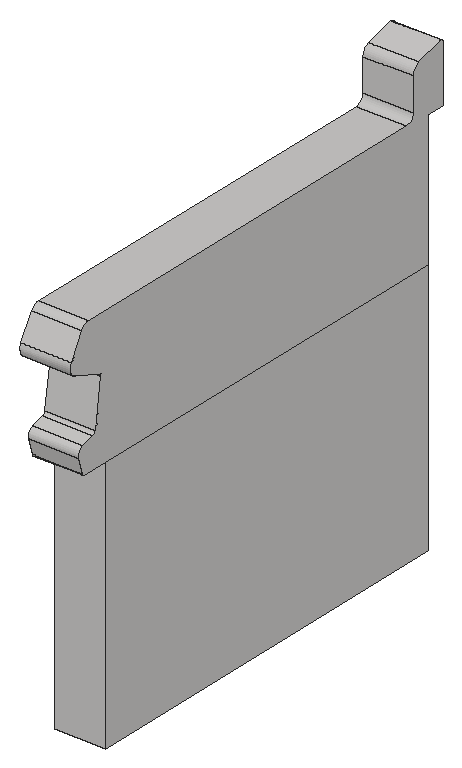
Revit family "QF_CAPIC_AM6_W290631", category Equipement spécialisé, Revit 2018
Family settings
  Cote de connecteur circulaire = Utiliser le diamètre
  Type d'élément = Normal
  Numéro OmniClass = 23.40.40.14
  Titre OmniClass = Food Service Equipment
  Basée sur le plan de construction = Non
  Toujours verticalement = Oui
  Couper avec des vides une fois chargée = Non
  Partagée = Non
  Point de calcul de pièce = Non
Parameters (values of type "100 x 925 x 900 mm")
  URL catalogue = "http://www.capic-fr.com/fr/"
  Type de Raccord Plomberie [instance] = ""
  Type de Raccord Electrique [instance] = ""
  Type de Gaz = ""
  Type article [instance] = ""
  Tension = 0 V
  Spécification du Fabricant = ""
  Show Logo = yes
  Remarques evacuation [instance] = ""
  Remarques Plomberie [instance] = ""
  Remarques Electricité [instance] = ""
  Puissance électrique  = 0 W
  Puissance Gaz kW = 0
  Profondeur hors tout = 925 mm
  Pression Maximum Eau Adoucie = 0.0 Pa
  Poids net à vide = 15.00 kg
  Phase = 0
  Modèle = "W290631"
  Longueur hors tout = 100 mm
  Intensité nominale = 0 A
  Hauteur hors tout = 1120 mm
  Hauteur de Raccordement du Sol Finis = 0 mm
  Hauteur de Raccordement Gaz du Sol Finis = 0 mm
  Hauteur de Raccordement Evacuation Directe du Sol Finis = 0 mm
  Hauteur de Raccordement Eau Froide du Sol Finis = 0 mm
  Hauteur de Raccordement Eau Chaude du Sol Finis = 0 mm
  Hauteur de Raccordement Eau Adoucie du Sol Finis = 0 mm
  Fréquence = 0 Hz
  Fabricant = "CAPIC"
  Débit d'air d'extraction = 0.0 m³/h
  Débit Gaz = 0.0 L/s
  Débit Eau Froide = 0.0 L/s
  Débit Eau Chaude = 0.0 L/s
  Débit Eau Adoucie = 0.0 L/s
  Diamètre de Raccordement Gaz = 0 mm
  Diamètre de Raccordement Evacuation = 0 mm
  Diamètre de Raccordement Eau Froide = 0 mm
  Diamètre de Raccordement Eau Chaude = 0 mm
  Diamètre de Raccordement Eau Adoucie = 0 mm
  Description = "Plan neutre sur facade pleine"
  Assembly Code = ""
  Classification  Omniclass nombre et titre = "23.40.40.14"
Reference planes
  plane 1 "Centre (avant/arrière)": y = 0
  plane 2: z = 0
  plane 3 "Centre (gauche/droite)": x = 0
  plane 4: x = 100
Forms (mm)
  Extrusion 1, solid, material "QF_Stainless Steel-Brushed"
    sketch origin (0, 0, 0) x (0, 1, 0) y (0, 0, 1)
      loop
        line (-37, 897) -> (0, 897) -> (0, 1013.429)
        arc (0, 1013.429) -> (-0.782, 1015.016) -> (-2.518, 1015.361) r 2
        line (-2.518, 1015.361) -> (-57.918, 1000.516)
        arc (-57.918, 1000.516) -> (-68.074, 993.73) -> (-72, 982.164) r 19
        line (-72, 982.164) -> (-72, 917)
        arc (-72, 917) -> (-76.979, 904.979) -> (-89, 900) r 17
        line (-89, 900) -> (-879.289, 900)
        arc (-879.289, 900) -> (-889.289, 897.321) -> (-896.61, 890) r 20
        line (-896.61, 890) -> (-922.551, 845.067)
        arc (-922.551, 845.067) -> (-924.025, 828.227) -> (-912.071, 816.274) r 20
        line (-912.071, 816.274) -> (-852.584, 794.622)
        arc (-852.584, 794.622) -> (-849.467, 792.029) -> (-848.71, 788.045) r 6
        line (-848.71, 788.045) -> (-863.004, 697.797)
        arc (-863.004, 697.797) -> (-865.152, 693.242) -> (-869.412, 690.554) r 9
        line (-869.412, 690.554) -> (-893.968, 683.511)
        arc (-893.968, 683.511) -> (-902.687, 676.541) -> (-903.87, 665.441) r 14.5
        line (-903.87, 665.441) -> (-894.201, 632.915)
        arc (-894.201, 632.915) -> (-892.759, 630.848) -> (-890.367, 630.054) r 4
        line (-890.367, 630.054) -> (-37, 630.054) -> (-37, 897)
    from 0 to 100
  Extrusion 2, solid, material "QF_Stainless Steel-Brushed"
    sketch origin (0, 0, 0) x (0, 1, 0) y (0, 0, 1)
      loop
        line (-838, 120) -> (-37, 120) -> (-37, 630) -> (-838, 630) -> (-838, 120)
    from 0 to 100
Dimensions and locks
  "Longueur hors tout": plane 3 "Centre (gauche/droite)" to plane 4
  aligned and locked: level to plane 2
  aligned and locked: plane 4 to Extrusion 1
  aligned and locked: Extrusion 2 to plane 3 "Centre (gauche/droite)"
  aligned and locked: plane 4 to Extrusion 2
Automatic sketch dimensions
  Extrusion 1 sketch curve to plane 1 "Centre (avant/arrière)" = 0 mm
  plane 1 "Centre (avant/arrière)" to Extrusion 1 sketch curve = 2 mm
  Extrusion 1 sketch curve to Extrusion 1 sketch curve = 0.518 mm
  plane 1 "Centre (avant/arrière)" to Extrusion 1 sketch curve = 37 mm
  plane 1 "Centre (avant/arrière)" to Extrusion 1 sketch curve = 53 mm
  Extrusion 1 sketch curve to Extrusion 1 sketch curve = 4.918 mm
  Extrusion 1 sketch curve to Extrusion 1 sketch curve = 19 mm
  Extrusion 1 sketch curve to Extrusion 1 sketch curve = 17 mm
  Extrusion 1 sketch curve to Extrusion 1 sketch curve = 3.874 mm
  Extrusion 1 sketch curve to Extrusion 1 sketch curve = 2.052 mm
  Extrusion 1 sketch curve to Extrusion 1 sketch curve = 14.294 mm
  Extrusion 1 sketch curve to Extrusion 1 sketch curve = 6.408 mm
  Extrusion 1 sketch curve to Extrusion 1 sketch curve = 8.889 mm
  Extrusion 1 sketch curve to Extrusion 1 sketch curve = 26.705 mm
  Extrusion 1 sketch curve to Extrusion 1 sketch curve = 20.559 mm
  Extrusion 1 sketch curve to Extrusion 1 sketch curve = 0.396 mm
  Extrusion 1 sketch curve to Extrusion 1 sketch curve = 3.998 mm
  Extrusion 1 sketch curve to Extrusion 1 sketch curve = 3.834 mm
  Extrusion 1 sketch curve to Extrusion 1 sketch curve = 17.321 mm  (x2)
  Extrusion 1 sketch curve to Extrusion 1 sketch curve = 13.899 mm
  Extrusion 1 sketch curve to Extrusion 1 sketch curve = 25.942 mm
  Extrusion 1 sketch curve to Extrusion 1 sketch curve = 6.84 mm
  level to Extrusion 1 sketch curve = 630.054 mm
  Extrusion 1 sketch curve to Extrusion 1 sketch curve = 2.86 mm
  Extrusion 1 sketch curve to Extrusion 1 sketch curve = 32.526 mm
  Extrusion 1 sketch curve to Extrusion 1 sketch curve = 4.131 mm
  Extrusion 1 sketch curve to Extrusion 1 sketch curve = 7.043 mm
  Extrusion 1 sketch curve to Extrusion 1 sketch curve = 7.243 mm
  Extrusion 1 sketch curve to Extrusion 1 sketch curve = 90.248 mm
  Extrusion 1 sketch curve to Extrusion 1 sketch curve = 0.939 mm
  Extrusion 1 sketch curve to Extrusion 1 sketch curve = 21.652 mm
  Extrusion 1 sketch curve to Extrusion 1 sketch curve = 18.794 mm
  Extrusion 1 sketch curve to Extrusion 1 sketch curve = 44.933 mm
  Extrusion 1 sketch curve to Extrusion 1 sketch curve = 10 mm
  Extrusion 1 sketch curve to Extrusion 1 sketch curve = 20 mm
  Extrusion 1 sketch curve to Extrusion 1 sketch curve = 65.164 mm
  Extrusion 1 sketch curve to Extrusion 1 sketch curve = 12.913 mm
  Extrusion 1 sketch curve to Extrusion 1 sketch curve = 759.71 mm
  plane 1 "Centre (avant/arrière)" to Extrusion 2 sketch curve = 838 mm
  plane 1 "Centre (avant/arrière)" to Extrusion 2 sketch curve = 37 mm
  level to Extrusion 2 sketch curve = 120 mm
  Extrusion 2 sketch curve to Extrusion 2 sketch curve = 510 mm
